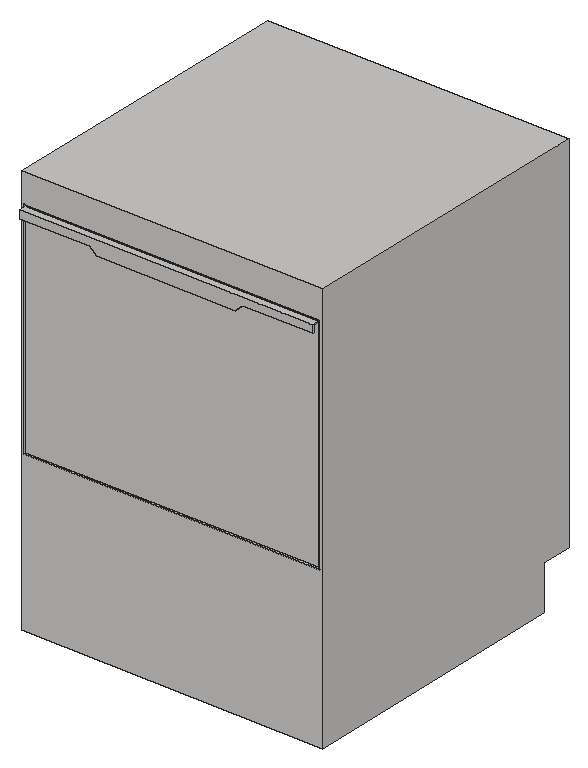
Revit family "QF_ELECTROLUXPROFESSIONAL_400218_ELA1G", category Specialty Equipment, Revit 2018
Family settings
  Round Connector Dimension = Use Diameter
  Part Type = Normal
  Work Plane-Based = No
  Always vertical = Yes
  Cut with Voids When Loaded = No
  Shared = No
  Room Calculation Point = No
Parameters (values of type "Standard")
  Weight = 60.00 kg
  Watts = 0 W
  Volts = 230 V
  URL Manufacturer = "http://professional.electrolux.com"
  URL = "http://professional.electrolux.com"
  Steam Supply Size = 0 mm
  Steam Supply Minimum Pressure = 0.0 Pa
  Steam Supply Maximum Pressure = 0.0 Pa
  Steam Pounds per Hour = 0
  Show Logo [instance] = yes
  Show Clearance [instance] = yes
  Refrigeration Suction Line Size = 0 mm
  Refrigeration Liquid Line Size = 0 mm
  Refrigerant Compressor Remote = yes
  Manufacturer = "Electrolux Professional"
  Phase = 1
  Model = "ELA1G"
  Length Actual = 600 mm  # constant formula
  Item Number = "400218"
  Hot Water Size = 19.05 mm
  Height Actual = 820 mm  # constant formula
  HP = "7.2 HP"
  Gas Size = 0 mm
  Gas KW = 0
  Gas Input Pressure = 0 W
  Direct Waste Size = 20.5 mm
  Description = "UNDERCOUNTER(L), WASH-SAFE, 1PH, DP, DD, 720D/H"
  Depth Actual = 648 mm  # constant formula
  Cycle = 50 Hz
  Condensate Return Size = 0 mm
  Compressed Air Volume = 0.0 L/s
  Compressed Air Size = 0 mm
  Compressed Air Pressure = 0.0 Pa
  Cold Water Size = 0 mm
  Accessory = yes
Types (2, lengths in mm): name | URL | Manufacturer | Phase | Model | Hot Water Size | Description
  (no name) | "http://professional.electrolux.com/" | 0 | 0 | 0 | 0 | 0
  Standard | "http://professional.electrolux.com" | "Electrolux Professional" | 1 | "ELA1G" | 19.05 | "UNDERCOUNTER(L), WASH-SAFE, 1PH, DP, DD, 720D/H"
Values of the unnamed type that differ from the named types
  Volts = 0 V
  URL Manufacturer = ""
  Item Number = ""
  Cycle = 0 Hz
Reference planes
  plane 1 "Center (Front/Back)": y = 0
  plane 2: z = 0
  plane 3 "Center (Left/Right)": x = 0
  plane 4 "LEFT": x = -300
  plane 5 "RIGHT": x = 300
  plane 6 "FRONT": y = -306
  plane 7 "BACK": y = 306
  plane 8: x = -202.5
  plane 9: x = 202.5
  plane 10: z = 830
  plane 11: z = 10
Forms (mm)
  Extrusion 1, solid, material "QF_Finishes_Stainless Steel"
    sketch origin (0, 0, 0) x (1, 0, 0) y (0, 1, 0)
      loop
        line (-300, -306) -> (300, -306) -> (300, 245) -> (-300, 245) -> (-300, -306)
    from 10 to 830
  Extrusion 2, solid, material "QF_Finishes_Stainless Steel"
    sketch origin (0, 0, 0) x (1, 0, 0) y (0, 1, 0)
      loop
        line (-300, 245) -> (300, 245) -> (300, 306) -> (-300, 306) -> (-300, 245)
    from 100 to 830
  Extrusion 3, solid, material "QF_Finishes_Stainless Steel"
    sketch origin (0, 17.5, 0) x (1, 0, 0) y (0, 1, 0)
      loop
        circle (-254, 167.5) r 12.5
      loop
        circle (254, 167.5) r 12.5
      loop
        circle (-254, -263.5) r 12.5
      loop
        circle (254, -263.5) r 12.5
    from 0 to 10
  Extrusion 4, void
    sketch origin (-300, -306, 0) x (-1, 0, 0) y (0, 0, 1)
      loop
        line (-5, 773.217) -> (-595, 773.217) -> (-595, 327.335) -> (-5, 327.335) -> (-5, 773.217)
    from 0 to 30
  Extrusion 5, solid, material "QF_Finishes_Stainless Steel"
    sketch origin (-259, -389, 768) x (0, 0, -1) y (1, 0, 0)
      loop
        circle (693, 143) r 10
    from -634 to -695
  Extrusion 6, solid, material "QF_Door-Drawer Clearances", visible <- "Show Clearance", detail levels coarse
    sketch origin (-230, -282.5, 0) x (0, 1, 0) y (0, 0, -1)
      loop
        line (-23.5, -330.419) -> (-391.5, -330.419)
        arc (-391.5, -330.419) -> (-290.693, -619.855) -> (-23.5, -770) r 432.894
        line (-23.5, -770) -> (-23.5, -330.419)
    from 61.197 to -521.306
  Extrusion 7, solid, material "QF_Finishes_Stainless Steel"
    sketch origin (-315.481, -389, 738) x (0, 0, -1) y (1, 0, 0)
      loop
        circle (663, 252.481) r 8
    from -634 to -695
  Extrusion 8, solid, material "QF_Finishes_Stainless Steel"
    sketch origin (-230, -282.5, 0) x (0, 1, 0) y (0, 0, -1)
      loop
        line (-23.5, -330.419) -> (-23.5, -770) -> (1.5, -770) -> (1.5, -330.419) -> (-23.5, -330.419)
    from 61.197 to -521.306
  Extrusion 9, solid, material "QF_Finishes_Stainless Steel"
    sketch origin (-230, -297.5, 0) x (0, 1, 0) y (0, 0, -1)
      loop
        line (-8.5, -770) -> (-8.5, -767.514) -> (-21, -767.514) -> (-21, -741.25) -> (-23.5, -741.25) -> (-23.5, -770) -> (-8.5, -770)
    from 61.197 to -521.306
  Extrusion 10, void
    sketch origin (-230, -321, 770) x (0, 0, 1) y (1, 0, 0)
      loop
        line (-15.552, -61.197) -> (-15.552, 77.909) -> (-28.75, 91.107) -> (-28.75, -61.197) -> (-15.552, -61.197)
      loop
        line (-15.552, 521.197) -> (-28.75, 521.197) -> (-28.75, 368.893) -> (-15.552, 382.091) -> (-15.552, 521.197)
    from 0 to 2.5
  Extrusion 11, solid, material "QF_Finishes_Stainless Steel"
    sketch origin (-295.988, 885.897, 763.79) x (0, -1, 0) y (1, 0, 0)
      loop
        circle (611.5, 158) r 8
    from -663.79 to -673.79
Cuts and joins
  Extrusion 4 cuts Extrusion 1
  joined: Extrusion 1, Extrusion 2
  Extrusion 10 cuts Extrusion 8
  Extrusion 10 cuts Extrusion 9
Lines and regions (mm)
  Split face 1
    outline origin (-300, -306, 830) x (0, 0, -1) y (1, 0, 0)
      loop
        line (21.579, 283.75) -> (39.683, 283.75) -> (39.683, 316.25) -> (21.579, 316.25) -> (21.579, 283.75)
  Split face 2
    outline origin (-300, -306, 830) x (0, 0, -1) y (1, 0, 0)
      loop
        line (56.783, 595) -> (56.783, 600)
      loop
        arc (56.783, 412.5) -> (28.391, 440.891) -> (0, 412.5) r 28.391
  symbolic lines
    curve 1: line (-300, 306, 0) -> (300, 306, 0)
    curve 2: line (-300, -306, 0) -> (-300, 306, 0)
    curve 3: line (300, -306, 0) -> (-300, -306, 0)
    curve 4: line (300, 306, 0) -> (300, -306, 0)
    curve 9: line (-291.197, -306, 0) -> (-291.197, -321, 0)
    curve 10: line (291.306, -321, 0) -> (291.306, -306, 0)
    curve 11: line (-291.197, -321, 0) -> (291.306, -321, 0)
  symbolic lines, style "QF_Door-Drawer Clearances"
    curve 5: line (-291.197, -674, 0) -> (291.306, -674, 0)
    curve 6: line (291.306, -674, 0) -> (291.306, -306, 0)
    curve 7: line (-291.197, -674, 0) -> (-291.197, -306, 0)
  symbolic lines, style "SpecialityEquipmentHiddenLines"
    curve 8: line (-300, 245, 0) -> (300, 245, 0)
Dimensions and locks
  equal spacing: plane 4 "LEFT", plane 3 "Center (Left/Right)", plane 5 "RIGHT"
  equal spacing: plane 7 "BACK", plane 1 "Center (Front/Back)", plane 6 "FRONT"
  plane 7 "BACK" to plane 6 "FRONT" = 612 mm
  plane 4 "LEFT" to plane 5 "RIGHT" = 600 mm
  plane 4 "LEFT" to plane 8 = 97.5 mm
  plane 9 to plane 5 "RIGHT" = 97.5 mm
  plane 11 to level = 10 mm
  plane 4 "LEFT" to plane 3 "Center (Left/Right)" = 300 mm
  plane 10 to level = 830 mm  (x2)
  plane 8 to plane 9 = 405 mm
  Extrusion 11 sketch curve to plane 4 "LEFT" = 162.012 mm
  level to Extrusion 5 sketch curve = 75 mm
  Extrusion 5 sketch curve to plane 4 "LEFT" = 184 mm
  Extrusion 7 sketch curve to plane 4 "LEFT" = 237 mm
  level to Extrusion 7 sketch curve = 75 mm
  Extrusion 3 to cut or joined group of Extrusion 1, Extrusion 2, Extrusion 4 = 121 mm
  Extrusion 3 to Extrusion 3 = 431 mm
  plane 6 "FRONT" to Extrusion 3 = 60 mm
  plane 9 to plane 8 = 405 mm
  plane 7 "BACK" to curve 5 = 980 mm
  cut or joined group of Extrusion 1, Extrusion 2, Extrusion 4 to level = 327.335 mm
  aligned and locked: level to plane 2
  aligned and locked: Extrusion 1 sketch curve to plane 6 "FRONT"
  aligned and locked: Extrusion 1 sketch curve to plane 4 "LEFT"
  aligned and locked: plane 5 "RIGHT" to Extrusion 1 sketch curve
  aligned and locked: Extrusion 1 to plane 11
  aligned and locked: Extrusion 2 sketch curve to Extrusion 1
  aligned and locked: plane 5 "RIGHT" to Extrusion 2 sketch curve
  aligned and locked: plane 11 to Extrusion 3
  aligned and locked: cut or joined group of Extrusion 9, Extrusion 10 to Extrusion 10
Automatic sketch dimensions
  Extrusion 1 sketch curve to plane 7 "BACK" = 61 mm
  Extrusion 3 sketch curve to plane 8 = 51.5 mm  (x2)
  plane 9 to Extrusion 3 sketch curve = 51.5 mm  (x2)
  plane 6 "FRONT" to Extrusion 3 sketch curve = 60 mm  (x2)
  Extrusion 3 sketch curve to plane 7 "BACK" = 121 mm  (x2)
  Extrusion 4 sketch curve to Extrusion 1 = 5 mm  (x2)
  Extrusion 4 sketch curve to Extrusion 1 = 317.335 mm
  Extrusion 4 sketch curve to Extrusion 1 = 56.783 mm
  plane 6 "FRONT" to Extrusion 8 sketch curve = 0 mm
  Extrusion 8 sketch curve to Extrusion 8 sketch curve = 25 mm
  Extrusion 9 sketch curve to plane 6 "FRONT" = 15 mm
  Extrusion 9 sketch curve to Extrusion 9 sketch curve = 2.5 mm
  Extrusion 9 sketch curve to Extrusion 9 sketch curve = 12.5 mm
  Extrusion 9 sketch curve to plane 10 = 60 mm
  Extrusion 9 sketch curve to Extrusion 9 sketch curve = 2.486 mm
  Extrusion 9 sketch curve to Extrusion 9 sketch curve = 26.264 mm
  Extrusion 2 sketch curve to Extrusion 2 sketch curve = 61 mm
  Split face 1 sketch curve to cut or joined group of Extrusion 1, Extrusion 2, Extrusion 4 = 21.579 mm
  Split face 1 sketch curve to Split face 1 sketch curve = 18.104 mm
  Split face 1 sketch curve to cut or joined group of Extrusion 1, Extrusion 2, Extrusion 4 = 278.75 mm
  Split face 1 sketch curve to Split face 1 sketch curve = 32.5 mm
  plane 11 to Extrusion 8 sketch curve = 320.419 mm
  Extrusion 8 sketch curve to plane 10 = 60 mm
  Extrusion 10 sketch curve to Extrusion 9 = 0 mm  (x2)
  Extrusion 9 to Extrusion 10 sketch curve = 0 mm
  Extrusion 10 sketch curve to Extrusion 9 = 13.198 mm  (x2)
  Extrusion 10 sketch curve to Extrusion 9 = 139.107 mm
  Extrusion 10 sketch curve to Extrusion 10 sketch curve = 13.198 mm  (x2)
  Extrusion 10 sketch curve to Extrusion 9 = 152.413 mm
  Extrusion 10 sketch curve to Extrusion 9 = 0.109 mm
  curve 3 to plane 4 "LEFT" = 0 mm
  curve 7 to plane 6 "FRONT" = 0 mm
  curve 4 to plane 5 "RIGHT" = 0 mm
  curve 2 to plane 7 "BACK" = 0 mm
  plane 4 "LEFT" to curve 5 = 8.803 mm
  curve 5 to plane 5 "RIGHT" = 8.694 mm
  plane 4 "LEFT" to curve 11 = 8.803 mm
  curve 10 to plane 5 "RIGHT" = 8.694 mm
  curve 11 to plane 6 "FRONT" = 15 mm
  curve 8 to plane 7 "BACK" = 61 mm
  Extrusion 2 sketch curve to plane 7 "BACK" = 0 mm
  Split face 2 sketch curve to cut or joined group of Extrusion 1, Extrusion 2, Extrusion 4 = 0 mm  (x5)
  Split face 2 sketch curve to cut or joined group of Extrusion 1, Extrusion 2, Extrusion 4 = 182.5 mm
  Extrusion 11 sketch curve to plane 7 "BACK" = 31.603 mm
  Extrusion 6 sketch curve to plane 6 "FRONT" = 0 mm
  plane 6 "FRONT" to Extrusion 6 sketch curve = 64.74 mm
  plane 11 to Extrusion 6 sketch curve = 331.974 mm
  Extrusion 6 sketch curve to Extrusion 6 sketch curve = 11.555 mm
  Extrusion 6 sketch curve to plane 6 "FRONT" = 368 mm
  radius of Extrusion 5 sketch curve = 10 mm
  radius of Extrusion 7 sketch curve = 8 mm
  radius of Extrusion 3 sketch curve = 12.5 mm  (x4)
  radius of Extrusion 11 sketch curve = 8 mm
Connectors
  piping at (-116, 306, 75), diameter 20
    settings: on Extrusion 5, index 1, connector inside diameter 609.6 mm, connector length 0 mm, flow factor 0, pipe flow 0.0 L/s, pressure drop 0.0 Pa, fitting loss kfactor 0, connector angle 0.00°, fixture units 0, engagement length 0 mm, angle of deflection 0.00°, flow configuration 1, flow direction 1, fitting loss method 0, system type 16, joint type 0, gender type 0, connector reference index -1, connector utility 0, adjustable connector no, is connector primary yes, connector description "Drain"
  piping at (-63, 306, 75), diameter 16
    settings: on Extrusion 7, index 3, connector inside diameter 609.6 mm, connector length 0 mm, flow factor 0, pipe flow 0.0 L/s, pressure drop 0.0 Pa, fitting loss kfactor 0, connector angle 0.00°, fixture units 0, engagement length 0 mm, angle of deflection 0.00°, flow configuration 1, flow direction 1, fitting loss method 0, system type 20, joint type 0, gender type 0, connector reference index -1, connector utility 0, adjustable connector no, is connector primary no, connector description "Cold Water Inlet"
  electrical at (-137.988, 274.397, 90), driven by "Volts"
    settings: on Extrusion 11, index 4, voltage 230 V, apparent load 0 VA, apparent load phase1 0 VA, apparent load phase2 0 VA, apparent load phase3 0 VA, power factor 1, load classification "Altro", number of poles 1, system type 31, power factor state 1, is connector primary yes, connector utility no, sub classification motor no, connector description "Electrical Connection"
